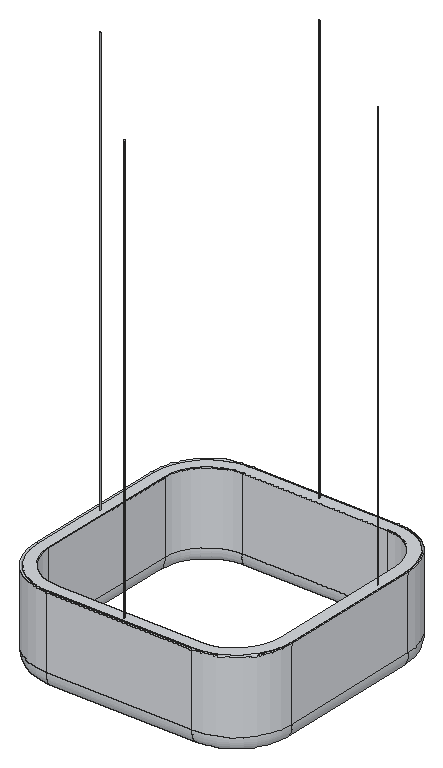
Revit family "BuzziSpace - BuzziTube Square", category Furniture, host Ceiling, Revit 2019
Family settings
  Host = Ceiling
  Always vertical = Yes
  Cut with Voids When Loaded = No
  Shared = No
  Room Calculation Point = No
Parameters (values of type "Square L")
  URL = "https://www.buzzi.space/acoustic-solutions/buzzitube-square"
  Suspension Length Control [instance] = if(Suspension Length > 16' 4 109/128", 16' 4 109/128", if(Suspension Length < 6' 6 189/256", 6' 6 189/256", Suspension Length))  # 6' - 6 189/256"
  Suspension Length [instance] = 4' - 0"
  Shade Cord [instance] = none
  Shade [instance] = none
  Mounting [instance] = none
  Model = "BuzziTube Square"
  Manufacturer = "BuzziSpace"  # constant formula
  Height = 1' - 3 3/4"
  Diameter = 3' - 11 61/256"
  Corner Radius = 0' - 10 61/256"
Types (5): name | Height | Diameter | Corner Radius
  Square S | 0' - 8.85827" | 2' - 7 1/2" | 0' - 7.48031"
  Square M | 1' - 5 23/32" | 2' - 7 1/2" | 0' - 7.48031"
  Square L | 1' - 3 3/4" | 3' - 11 61/256" | 0' - 10 61/256"
  Square XL | 1' - 8 43/64" | 3' - 11 61/256" | 0' - 10 61/256"
  Square XXL | 1' - 11 159/256" | 4' - 9 223/256" | 0' - 11 79/128"
Reference planes (in)
  plane 1 "Center (Front/Back)": y = 0
  plane 2 "Ceiling": z = 96
  plane 3 "Center (Left/Right)": x = 0
  plane 4 "Light Top": z = 17.26172
  plane 5: x = -23.61914
  plane 6: y = -23.61914
  plane 7: y = 23.61914
  plane 8: x = 23.61914
Lines and regions (in)
  Masking region 1
    outline origin (0, 0, 17.26172) x (-1, 0, 0) y (0, -1, 0)
      loop
        arc (13.38086, -23.61914) -> (20.62042, -20.62042) -> (23.61914, -13.38086) r 10.23828
        line (23.61914, -13.38086) -> (23.61914, 13.38086)
        arc (23.61914, 13.38086) -> (20.62042, 20.62042) -> (13.38086, 23.61914) r 10.23828
        line (13.38086, 23.61914) -> (-13.38086, 23.61914)
        arc (-13.38086, 23.61914) -> (-20.62042, 20.62042) -> (-23.61914, 13.38086) r 10.23828
        line (-23.61914, 13.38086) -> (-23.61914, -13.38086)
        arc (-23.61914, -13.38086) -> (-20.62042, -20.62042) -> (-13.38086, -23.61914) r 10.23828
        line (-13.38086, -23.61914) -> (13.38086, -23.61914)
      loop
        arc (21.11914, 13.38086) -> (18.85265, 18.85265) -> (13.38086, 21.11914) r 7.73828
        line (13.38086, 21.11914) -> (-13.38086, 21.11914)
        arc (-13.38086, 21.11914) -> (-18.85265, 18.85265) -> (-21.11914, 13.38086) r 7.73828
        line (-21.11914, 13.38086) -> (-21.11914, -13.38086)
        arc (-21.11914, -13.38086) -> (-18.85265, -18.85265) -> (-13.38086, -21.11914) r 7.73828
        line (-13.38086, -21.11914) -> (13.38086, -21.11914)
        arc (13.38086, -21.11914) -> (18.85265, -18.85265) -> (21.11914, -13.38086) r 7.73828
        line (21.11914, -13.38086) -> (21.11914, 13.38086)
Dimensions and locks (in)
  equal spacing: host sketch curve, plane 3 "Center (Left/Right)", host sketch curve
  equal spacing: host sketch curve, plane 1 "Center (Front/Back)", host sketch curve
  host sketch curve to host sketch curve = 10' - 0"  (x2)
  "Suspension Length Control": plane 2 "Ceiling" to plane 4 "Light Top"
  equal spacing: plane 5, plane 3 "Center (Left/Right)", plane 8
  equal spacing: plane 6, plane 1 "Center (Front/Back)", plane 7
  "Diameter": plane 6 to plane 7
  "Diameter": plane 5 to plane 8
  locked: Masking region 1 sketch curve to Masking region 1 sketch curve at 2.5  (x4)
  "Corner Radius": radius of Masking region 1 sketch curve  (x4)
  aligned and locked: plane 2 "Ceiling" to nested 1
  aligned and locked: plane 8 to Masking region 1 sketch curve
  aligned and locked: nested 1 to Masking region 1 sketch curve
  aligned and locked: Masking region 1 sketch curve to nested 1  (x2)
Automatic sketch dimensions
  Masking region 1 sketch curve to Masking region 1 sketch curve = 0' - 0"  (x4)
Nested families (in)
  nested 1: "BuzziJetSquare_Base" at (0, 0, 1.51172), Wire Length <- "Suspension Length Control", Corner Radius <- "Corner Radius", Diameter <- "Diameter", Height <- "Height", Mounting <- "Mounting", Shade <- "Shade", Shade Cord <- "Shade Cord", type "Square"
    with Wire Length 6' - 6 189/256", Shade Cord none, Shade none, Mounting none, Height 1' - 3 3/4", Diameter 3' - 11 61/256", Corner Radius 0' - 10 61/256"
Definition of nested family "BuzziJetSquare_Base"
  Parameters (values of type "Square")
    Wire Length [instance] = 2' - 3.55906"
    Split = no
    Shade Cord [instance] = none
    Shade [instance] = none
    Mounting [instance] = none
    Height [instance] = 0' - 8.85827"
    Diameter [instance] = 2' - 7.49606"
    Corner Radius [instance] = 0' - 7.48031"
  Reference planes (in)
    plane 1 "Light Source Axis (F/B)": y = 0
    plane 2: z = 0
    plane 3 "Light Source Axis (L/R)": x = 0
    plane 4 "Light Source Elevation": z = 54
    plane 5: x = -15.74803
    plane 6: x = 15.74803
    plane 7: y = 15.74803
    plane 8: y = -15.74803
    plane 9 "Light Top": z = 8.85827
    plane 10 "Bracket Base": z = 8.74016
    plane 11: z = 5.62992
    plane 12: x = -15.45276
    plane 13: x = -13.6811
    plane 14: y = 15.45276
    plane 15: y = 13.6811
    plane 16: x = 15.45276
    plane 17: x = 13.6811
    plane 18: y = -15.45276
    plane 19: y = -13.6811
    plane 20: z = 36.41732
    plane 21: x = -14.56693
    plane 22: x = 14.56693
    plane 23: y = -14.56693
    plane 24: y = 14.56693
  Forms (in)
    Sweep 1, solid, material <- "Shade"
      path origin (0, 0, 0) x (1, 0, 0) y (0, 1, 0)
        loop
          line (-15.74803, 8.26772) -> (-15.74803, -8.26772)
          arc (-15.74803, -8.26772) -> (-13.5571, -13.5571) -> (-8.26772, -15.74803) r 7.48031
          line (-8.26772, -15.74803) -> (8.26772, -15.74803)
          arc (8.26772, -15.74803) -> (13.5571, -13.5571) -> (15.74803, -8.26772) r 7.48031
          line (15.74803, -8.26772) -> (15.74803, 8.26772)
          arc (15.74803, 8.26772) -> (13.5571, 13.5571) -> (8.26772, 15.74803) r 7.48031
          line (8.26772, 15.74803) -> (-8.26772, 15.74803)
          arc (-8.26772, 15.74803) -> (-13.5571, 13.5571) -> (-15.74803, 8.26772) r 7.48031
      profile origin (-15.74803, 0, 0) x (1, 0, 0) y (0, 0, 1)
        loop
          spline (0, 2.3622) -> (0.04025, 1.75082) -> (0.15824, 1.1811) -> (0.34594, 0.69187) -> (0.59055, 0.31648) -> (0.87541, 0.08049) -> (1.1811, 0) -> (1.48679, 0.08049) -> (1.77165, 0.31648) -> (2.01627, 0.69187) -> (2.20397, 1.1811) -> (2.32196, 1.75082) -> (2.3622, 2.3622)
          line (2.3622, 2.3622) -> (2.3622, 8.74016) -> (0.29528, 8.74016)
          spline (0.29528, 8.74016) -> (0.29024, 8.77073) -> (0.2755, 8.79921) -> (0.25203, 8.82367) -> (0.22146, 8.84244) -> (0.18585, 8.85424) -> (0.14764, 8.85827) -> (0.10943, 8.85424) -> (0.07382, 8.84244) -> (0.04324, 8.82367) -> (0.01978, 8.79921) -> (0.00503, 8.77073) -> (0, 8.74016)
          line (0, 8.74016) -> (0, 2.3622)
    Extrusion 2, solid, material <- "Mounting"
      sketch origin (-15.45276, 8.26772, 8.74016) x (0, -1, 0) y (1, 0, 0)
        loop
          arc (16.53543, 0) -> (21.61602, 2.10445) -> (23.72047, 7.18504) r 7.18504
          line (23.72047, 7.18504) -> (23.72047, 23.72047)
          arc (23.72047, 23.72047) -> (21.61602, 28.80106) -> (16.53543, 30.90551) r 7.18504
          line (16.53543, 30.90551) -> (0, 30.90551)
          arc (0, 30.90551) -> (-5.08059, 28.80106) -> (-7.18504, 23.72047) r 7.18504
          line (-7.18504, 23.72047) -> (-7.18504, 7.18504)
          arc (-7.18504, 7.18504) -> (-5.08059, 2.10445) -> (0, 0) r 7.18504
          line (0, 0) -> (16.53543, 0)
        loop
          arc (21.65354, 23.72047) -> (20.15448, 27.33952) -> (16.53543, 28.83858) r 5.11811
          line (16.53543, 28.83858) -> (0, 28.83858)
          arc (0, 28.83858) -> (-3.61905, 27.33952) -> (-5.11811, 23.72047) r 5.11811
          line (-5.11811, 23.72047) -> (-5.11811, 7.18504)
          arc (-5.11811, 7.18504) -> (-3.61905, 3.56599) -> (0, 2.06693) r 5.11811
          line (0, 2.06693) -> (16.53543, 2.06693)
          arc (16.53543, 2.06693) -> (20.15448, 3.56599) -> (21.65354, 7.18504) r 5.11811
          line (21.65354, 7.18504) -> (21.65354, 23.72047)
      from 0 to 0.11811
    Revolve 3, solid, material <- "Shade Cord"
      sketch origin (14.56693, 32.17754, 48) x (0, 1, 0) y (0, 0, 1)
        loop
          line (-32.17754, -39.14173) -> (-32.17754, -11.58268) -> (-32.24053, -11.58268) -> (-32.24053, -39.14173) -> (-32.17754, -39.14173)
        axis (-32.17754, -11.58268) -> (-32.17754, -39.14173)
      angle from 0 to 360
    Revolve 4, solid, material <- "Shade Cord"
      sketch origin (-14.56693, -180, 21.09016) x (0, 0, 1) y (0, -1, 0)
        loop
          line (-12.23189, -180) -> (15.32717, -180) -> (15.32717, -179.93701) -> (-12.23189, -179.93701) -> (-12.23189, -180)
        axis (15.32717, -180) -> (-12.23189, -180)
      angle from 0 to 360
    Revolve 5, solid, material <- "Shade Cord"
      sketch origin (41.81619, 14.56693, 48) x (1, 0, 0) y (0, 0, 1)
        loop
          line (-41.7532, -39.14173) -> (-41.7532, -11.58268) -> (-41.81619, -11.58268) -> (-41.81619, -39.14173) -> (-41.7532, -39.14173)
        axis (-41.81619, -11.58268) -> (-41.81619, -39.14173)
      angle from 0 to 360
    Revolve 6, solid, material <- "Shade Cord"
      sketch origin (41.81619, -14.56693, 48) x (1, 0, 0) y (0, 0, 1)
        loop
          line (-41.7532, -39.14173) -> (-41.7532, -11.58268) -> (-41.81619, -11.58268) -> (-41.81619, -39.14173) -> (-41.7532, -39.14173)
        axis (-41.81619, -11.58268) -> (-41.81619, -39.14173)
      angle from 0 to 360
  Dimensions and locks (in)
    locked: plane 9 "Light Top" to plane 10 "Bracket Base" at 0.11811
    locked: plane 10 "Bracket Base" to plane 11 at 3.11024
    "Height": plane 9 "Light Top" to level
    plane 5 to plane 12 = 0' - 0.29528"
    equal spacing: plane 5, plane 3 "Light Source Axis (L/R)", plane 6
    equal spacing: plane 8, plane 1 "Light Source Axis (F/B)", plane 7
    "Diameter": plane 8 to plane 7
    "Diameter": plane 5 to plane 6
    plane 17 to plane 16 to plane 6 = 0' - 1.77165" locked, 0' - 0.29528" locked
    plane 8 to plane 18 to plane 19 = 0' - 0.29528" locked, 0' - 1.77165" locked
    plane 5 to plane 12 to plane 13 = 0' - 0.29528" locked, 0' - 1.77165" locked
    plane 15 to plane 14 to plane 7 = 0' - 1.77165" locked, 0' - 0.29528" locked
    "Wire Length": plane 20 to plane 9 "Light Top"
    plane 12 to plane 21 to plane 13 = 0' - 0.88583", 0' - 0.88583"
    plane 17 to plane 22 to plane 16 = 0' - 0.88583", 0' - 0.88583"
    plane 15 to plane 24 to plane 14 = 0' - 0.88583", 0' - 0.88583"
    plane 18 to plane 23 to plane 19 = 0' - 0.88583", 0' - 0.88583"
    "Corner Radius": radius of Sweep 1 sketch curve  (x4)
    aligned and locked: level to plane 2
    aligned and locked: Extrusion 2 sketch curve to Sweep 1  (x8)
    aligned and locked: plane 9 "Light Top" to Sweep 1 sketch curve
    aligned and locked: Sweep 1 sketch curve to plane 10 "Bracket Base"
  Automatic sketch dimensions
    Sweep 1 sketch curve to plane 5 = 0' - 0"
    plane 7 to Sweep 1 sketch curve = 0' - 0"
    plane 8 to Sweep 1 sketch curve = 0' - 0"
    Sweep 1 sketch curve to plane 6 = 0' - 0"
    profile plane to Sweep 1 sketch curve = 0' - 0"
    Sweep 1 sketch curve to profile plane = 0' - 0.29528"
    Sweep 1 sketch curve to profile plane = 0' - 2.3622"
    profile plane to Sweep 1 sketch curve = 0' - 2.3622"
    Revolve 3 sketch curve to plane 20 = 0' - 0"
    Revolve 3 sketch curve to plane 9 "Light Top" = 0' - 0"
    plane 24 to Revolve 3 sketch curve = 1' - 2.56693"  (x2)
    plane 24 to Revolve 3 sketch curve = 1' - 2.62992"
    Revolve 3 sketch curve to Revolve 3 sketch curve = 1' - 1.38583"
    Revolve 3 sketch curve to Revolve 3 sketch curve = 0' - 2.95276"
    Revolve 4 sketch curve to plane 9 "Light Top" = 0' - 0"
    Revolve 4 sketch curve to plane 1 "Light Source Axis (F/B)" = 0' - 0"  (x2)
    Revolve 4 sketch curve to plane 20 = 0' - 0"
    plane 1 "Light Source Axis (F/B)" to Revolve 4 sketch curve = 0' - 0.06299"
    Revolve 4 sketch curve to Revolve 4 sketch curve = 1' - 1.38583"
    Revolve 4 sketch curve to Revolve 4 sketch curve = 0' - 2.95276"
    Revolve 5 sketch curve to plane 3 "Light Source Axis (L/R)" = 0' - 0"  (x2)
    Revolve 5 sketch curve to plane 9 "Light Top" = 0' - 0"
    Revolve 5 sketch curve to plane 20 = 0' - 0"  (x2)
    Revolve 5 sketch curve to Revolve 5 sketch curve = 0' - 0.06299"
    Revolve 5 sketch curve to Revolve 5 sketch curve = 0' - 0.7874"
    Revolve 6 sketch curve to plane 3 "Light Source Axis (L/R)" = 0' - 0"  (x2)
    Revolve 6 sketch curve to plane 9 "Light Top" = 0' - 0"
    Revolve 6 sketch curve to plane 20 = 0' - 0"  (x2)
    Revolve 6 sketch curve to Revolve 6 sketch curve = 0' - 0.06299"
    Revolve 6 sketch curve to Revolve 6 sketch curve = 0' - 0.7874"
